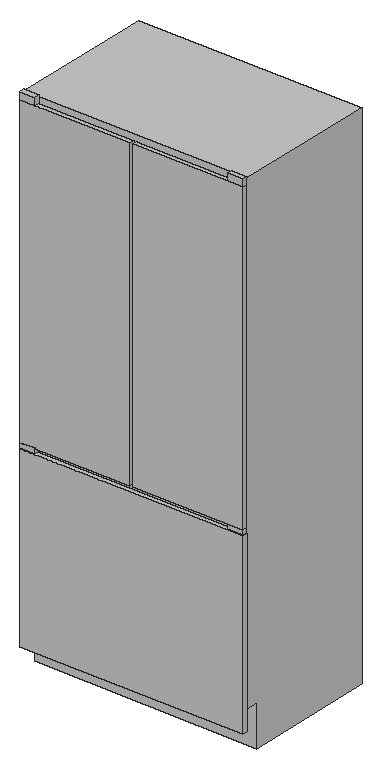
Revit family "RY492704", category Generic Models, Revit 2014
Parameters (values of type "RY492704")
  Width = 908 mm
  URL = "http://www.gaggenau.com."
  Model = "RY492704"
  Manufacturer = "Gaggenau"
  Height = 2125 mm
  Handle = Metal Panel
  Fridge = Metal Panel
  Door = Metal Panel
  Description = "Gaggenau 36\" Three-door Bottom Mount Freezer"
  Depth = 608 mm
Reference planes
  plane 1 "Center (Front/Back)": y = 0
  plane 2: z = 0
  plane 3 "Center (Left/Right)": x = 0
  plane 4: z = 2125
  plane 5: x = -454.016
  plane 6: x = 454.016
  plane 7: y = 266.012
  plane 8: y = -341.988
  plane 9: z = 181
  plane 10: z = 102
  plane 11: z = 14.093
  plane 12: z = 824
  plane 13: z = 827
  plane 14: z = 2131
  plane 15: z = 847
  plane 16: z = 2101
  plane 17: y = -268.988
  plane 18: y = -321.988
  plane 19: x = -5
  plane 20: x = 5
  plane 21: x = 393.811
Forms (mm)
  Extrusion 1, solid, material "Metal Panel" <- "Fridge"
    sketch origin (0, 0, 0) x (0, 1, 0) y (0, 0, 1)
      loop
        line (266.012, 2125) -> (-321.988, 2125) -> (-321.988, 181) -> (-268.988, 181) -> (-268.988, 14.093) -> (266.012, 14.093) -> (266.012, 2125)
    from -454.016 to 454.016
  Extrusion 2, solid, material "Metal Panel" <- "Door"
    sketch origin (0, 0, 0) x (1, 0, 0) y (0, 0, 1)
      loop
        line (-454.016, 97.546) -> (454.016, 97.546) -> (454.016, 824) -> (-454.016, 824) -> (-454.016, 97.546)
      loop
        line (454.016, 847) -> (454.016, 2101) -> (5, 2101) -> (5, 847) -> (454.016, 847)
      loop
        line (-454.016, 2101) -> (-454.016, 847) -> (-5, 847) -> (-5, 2101) -> (-454.016, 2101)
    from 321.988 to 341.988
  Extrusion 3, solid, material "Metal Panel" <- "Door"
    sketch origin (0, 0, 0) x (1, 0, 0) y (0, 0, 1)
      loop
        line (454.016, 2131) -> (393.811, 2131) -> (393.811, 2101) -> (454.016, 2101) -> (454.016, 2131)
      loop
        line (-454.016, 2131) -> (-454.016, 2101) -> (-393.811, 2101) -> (-393.811, 2131) -> (-454.016, 2131)
      loop
        line (454.016, 847) -> (393.811, 847) -> (393.811, 827) -> (454.016, 827) -> (454.016, 847)
      loop
        line (-454.016, 847) -> (-454.016, 827) -> (-393.811, 827) -> (-393.811, 847) -> (-454.016, 847)
    from 321.988 to 341.988
  Extrusion 4, solid, material "Metal Panel" <- "Fridge"
    sketch origin (0, 0, 0) x (1, 0, 0) y (0, 1, 0)
      loop
        circle (-422.419, -159.898) r 11.868
      loop
        circle (-422.419, 159.898) r 11.868
      loop
        circle (422.419, -159.898) r 11.868
      loop
        circle (422.419, 159.898) r 11.868
    from 0 to 14.093
Dimensions and locks
  plane 5 to plane 6 = 908.033 mm
  plane 7 to plane 8 = 608 mm  (x2)
  plane 4 to plane 2 = 2125 mm
  plane 9 to plane 2 = 181 mm
  plane 10 to plane 2 = 102 mm
  plane 12 to plane 10 = 722 mm
  plane 13 to plane 12 = 3 mm
  plane 14 to plane 13 = 1304 mm
  plane 15 to plane 13 = 20 mm
  plane 14 to plane 16 = 30 mm
  plane 17 to plane 8 = 73 mm
  equal spacing: plane 20, plane 3 "Center (Left/Right)", plane 19
  plane 6 to plane 21 = 60.206 mm
  aligned and locked: level to plane 2
  aligned and locked: plane 5 to Extrusion 1
  aligned and locked: plane 6 to Extrusion 1
  aligned and locked: Extrusion 2 to plane 20
  aligned and locked: Extrusion 2 to plane 19
  aligned and locked: Extrusion 2 to plane 8
  aligned and locked: Extrusion 2 to Extrusion 1
  aligned and locked: Extrusion 3 to plane 8
  aligned and locked: Extrusion 3 to Extrusion 1
Automatic sketch dimensions
  Extrusion 1 sketch curve to plane 4 = 0 mm
  Extrusion 1 sketch curve to plane 18 = 0 mm
  Extrusion 1 sketch curve to plane 9 = 0 mm
  Extrusion 1 sketch curve to plane 17 = 0 mm
  Extrusion 1 sketch curve to plane 7 = 0 mm
  Extrusion 1 sketch curve to plane 11 = 0 mm
  plane 5 to Extrusion 2 sketch curve = 0 mm  (x2)
  Extrusion 2 sketch curve to plane 16 = 0 mm  (x2)
  Extrusion 2 sketch curve to plane 15 = 0 mm  (x2)
  Extrusion 2 sketch curve to plane 6 = 0 mm  (x2)
  Extrusion 2 sketch curve to plane 12 = 0 mm
  Extrusion 2 sketch curve to plane 19 = 0 mm
  plane 20 to Extrusion 2 sketch curve = 0 mm
  Extrusion 2 sketch curve to plane 10 = 4.454 mm
  plane 5 to Extrusion 3 sketch curve = 0 mm  (x2)
  Extrusion 3 sketch curve to plane 14 = 0 mm  (x2)
  Extrusion 3 sketch curve to plane 15 = 0 mm  (x2)
  Extrusion 3 sketch curve to plane 16 = 0 mm  (x2)
  Extrusion 3 sketch curve to plane 21 = 0 mm
  plane 21 to Extrusion 3 sketch curve = 0 mm
  Extrusion 3 sketch curve to plane 6 = 0 mm  (x2)
  Extrusion 3 sketch curve to Extrusion 3 sketch curve = 60.206 mm  (x2)
  plane 12 to Extrusion 3 sketch curve = 3 mm  (x2)
  Extrusion 4 sketch curve to plane 5 = 31.597 mm  (x2)
  plane 21 to Extrusion 4 sketch curve = 28.608 mm  (x2)
  Extrusion 4 sketch curve to plane 17 = 109.089 mm  (x2)
  Extrusion 4 sketch curve to plane 7 = 106.114 mm  (x2)
  radius of Extrusion 4 sketch curve = 11.868 mm  (x4)
